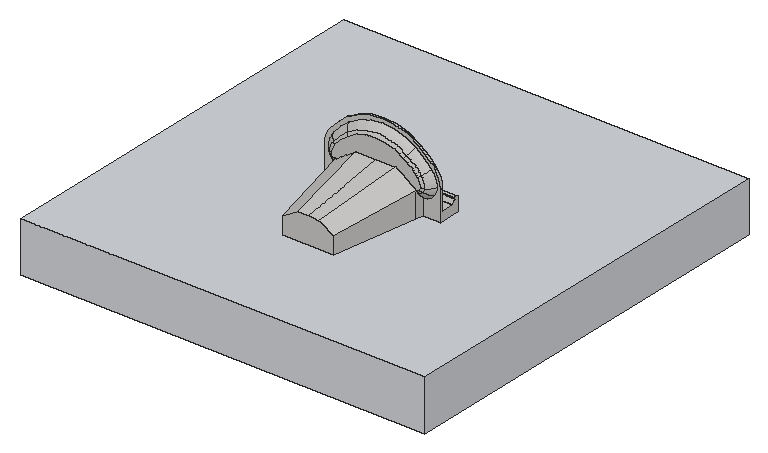
Revit family
Parameters (values of type "3401")
  Waste Connection = yes
  WFU = 0
  Vent Connection = no
  VP - Vinylclad Housing Color: Black (Standard), Gray, White = no
  URL = "http://www.acorneng.com/uploads/fileLibrary/3401.pdf"
  Type Comments = ""
  ST - Single Temperature Valve = no
  SPX - 16 Gage Stainless Steel Housing = no
  SO-BAT- Sensor Operation (Batteries Not Included) = no
  SO - Sensor Operation = no
  Revised Date = "12/06/2014"
  Phone# = "626-336-4561"
  PPZ - Programmable Piezo Push button Electronic Metering = no
  Model = "3401"
  Material = Default
  Manufacturer = "Acorn "
  JH31 - 31" Junior Rim Height = no
  HWFU = 0
  HW Connection = yes
  HB - Hose Bibb, Specify: Left Side, RIght Side (Not ADA Compliant.) = no
  H - Hand Operation = no
  EG - Enviro-Glaze Color, Bowl and Sprayhead (Specify) = no
  Designed By = "ATS"
  Description = "Bowl is 14 gage type 304 stainless steel with satin finish and has an integral backsplash and sprayhead. Heavy-duty S-clips securely anchor the backsplash to the wall. Sprayhead has self-draining, air-circulating soap holders."
  Default Elevation = 34"
  CWFU = 0
  CW Connection = yes
  Assembly Code = ""
  3402 - Elliptical, Two Station = no
  1 - Off-Floor, Wall Outlet (1-1/2" OD Tail-Piece Provided Standard) = yes
Reference planes (in)
  plane 1 "Center (Front/Back)": y = 0
  plane 2: z = 0
  plane 3 "Center (Left/Right)": x = 0
  plane 4: x = -13.75
  plane 5: x = 13.75
  plane 6: x = 5.5
  plane 7: x = -5.5
  plane 8: x = -8
  plane 9: x = 8
  plane 10: y = 4.5
  plane 11: y = -22.5
  plane 12: x = -6
  plane 13: x = 6
  plane 14: y = -15.48218
  plane 15: y = -5
  plane 16: y = -8.25
Forms (in)
  Extrusion 1, solid
    sketch origin (0, 0, 0) x (1, 0, 0) y (0, 1, 0)
      loop
        line (-48, 48) -> (-48, -48) -> (48, -48) -> (48, 48) -> (-48, 48)
    from 0 to -12
  Sweep 2, solid, material "Stainless Steel"
    path origin (0, -22.5, 0) x (1, 0, 0) y (0, 0, -1)
      loop
        arc (-13.75, -7) -> (-13.37531, -9.125) -> (-12.29641, -10.99369) r 6.21308
        arc (-12.29641, -10.99369) -> (-10.50309, -12.8774) -> (-8.48828, -14.52206) r 20.75708
        arc (-8.48828, -14.52206) -> (0, -17.25) -> (8.48828, -14.52206) r 14.57009
        arc (8.48828, -14.52206) -> (10.50309, -12.8774) -> (12.29641, -10.99369) r 20.75708
        arc (12.29641, -10.99369) -> (13.37531, -9.125) -> (13.75, -7) r 6.21308
        arc (13.75, -7) -> (13.50755, -5.625) -> (12.80944, -4.41585) r 4.02023
        arc (12.80944, -4.41585) -> (11.42879, -3.35643) -> (9.72977, -2.97977) r 4.02023
        line (9.72977, -2.97977) -> (-9.72977, -2.97977)
        arc (-9.72977, -2.97977) -> (-12.5725, -4.15727) -> (-13.75, -7) r 4.02023
    profile origin (-13.37531, -22.5, 9.125) x (0.939693, 0, -0.34202) y (0, 1, 0)
      loop
        line (0, 22.5) -> (0, 22) -> (0.90245, 22)
        arc (0.90245, 22) -> (1.62319, 21.17363) -> (2.48138, 20.49107) r 6.04416
        arc (2.48138, 20.49107) -> (2.8179, 20.28243) -> (3.16485, 20.09162) r 7.59234
        line (3.16485, 20.09162) -> (3.16485, 20.65977)
        arc (3.16485, 20.65977) -> (2.95824, 20.78093) -> (2.75584, 20.90901) r 7.09234
        arc (2.75584, 20.90901) -> (1.87878, 21.62295) -> (1.16485, 22.5) r 5.54416
        line (1.16485, 22.5) -> (0, 22.5)
  Extrusion 3, solid, material "Stainless Steel"
    sketch origin (0, -22.5, 0) x (1, 0, 0) y (0, 0, -1)
      loop
        arc (-9.72977, -6.14461) -> (-10.33462, -6.39515) -> (-10.58515, -7) r 0.85539
        arc (-10.58515, -7) -> (-10.40132, -8.04256) -> (-9.872, -8.95937) r 3.04824
        arc (-9.872, -8.95937) -> (-8.35211, -10.55587) -> (-6.6445, -11.94977) r 17.59223
        arc (-6.6445, -11.94977) -> (-4.58935, -13.12105) -> (-2.3368, -13.8432) r 11.40525
        arc (-2.3368, -13.8432) -> (-1.17465, -14.0245) -> (0, -14.08515) r 11.40525
        arc (0, -14.08515) -> (1.17465, -14.0245) -> (2.3368, -13.8432) r 11.40525
        arc (2.3368, -13.8432) -> (4.58935, -13.12105) -> (6.6445, -11.94977) r 11.40525
        arc (6.6445, -11.94977) -> (8.35211, -10.55587) -> (9.872, -8.95937) r 17.59223
        arc (9.872, -8.95937) -> (10.40132, -8.04256) -> (10.58515, -7) r 3.04824
        arc (10.58515, -7) -> (10.33462, -6.39515) -> (9.72977, -6.14461) r 0.85539
        line (9.72977, -6.14461) -> (-9.72977, -6.14461)
    from 20.09162 to 20.65977
  Extrusion 4, solid, material "Stainless Steel"
    sketch origin (0, -22.5, 0) x (1, 0, 0) y (0, 0, -1)
      loop
        line (-13.75, -0.63871) -> (-13.75, -7)
        arc (-13.75, -7) -> (-12.5725, -4.15727) -> (-9.72977, -2.97977) r 4.02023
        line (-9.72977, -2.97977) -> (9.72977, -2.97977)
        arc (9.72977, -2.97977) -> (12.5725, -4.15727) -> (13.75, -7) r 4.02023
        line (13.75, -7) -> (13.75, -0.63871) -> (-13.75, -0.63871)
    from 22 to 22.5
  Sweep 5, solid, material "Stainless Steel"
    path origin (0, -22.5, 0) x (1, 0, 0) y (0, 0, -1)
      loop
        line (-13.75, 0) -> (13.75, 0)
    profile origin (0, -22.5, 0) x (0, 0, -1) y (0, 1, 0)
      loop
        line (-0.07134, 27) -> (-3.30752, 27)
        arc (-3.30752, 27) -> (-3.35524, 26.98024) -> (-3.375, 26.93252) r 0.06748
        line (-3.375, 26.93252) -> (-3.375, 26.25612)
        arc (-3.375, 26.25612) -> (-3.35309, 26.18174) -> (-3.29437, 26.13111) r 0.13721
        line (-3.29437, 26.13111) -> (-2.20379, 25.6375)
        arc (-2.20379, 25.6375) -> (-2.14501, 25.58683) -> (-2.12309, 25.51239) r 0.13733
        line (-2.12309, 25.51239) -> (-2.12309, 22.5) -> (-0.63871, 22.5) -> (-0.63871, 22) -> (0, 22) -> (0, 26.92866)
        arc (0, 26.92866) -> (-0.02089, 26.97911) -> (-0.07134, 27) r 0.07134
  Blend 6, solid, material "Stainless Steel"
    base sketch origin (0, -22.5, 0) x (1, 0, 0) y (0, 0, -1)
      loop
        line (-6, 0) -> (-6, -4.14461) -> (-2.5359, -6.14461) -> (0, -6.14461) -> (2.5359, -6.14461) -> (6, -4.14461) -> (6, 0) -> (-6, 0)
    top sketch origin (0, -22.5, 0) x (1, 0, 0) y (0, 0, -1)
      loop
        line (-9.5, 0) -> (-9.5, -6.14461) -> (-4.75, -9.39461) -> (0, -9.39461) -> (4.75, -9.39461) -> (9.5, -6.14461) -> (9.5, 0) -> (-9.5, 0)
    from 0 to 20.09162
  Extrusion 7, void
    sketch origin (0, -22.5, 0) x (1, 0, 0) y (0, 1, 0)
      loop
        circle (-5.5, 7) r 0.25
      loop
        circle (5.5, 7) r 0.25
      loop
        circle (-8, 17.5) r 0.25
      loop
        circle (8, 17.5) r 0.25
    from 0 to 1
  Extrusion 8, solid, material "Stainless Steel"
    sketch origin (0, 0, 0) x (0, 1, 0) y (0, 0, 1)
      loop
        line (-2.40838, 6.14461) -> (-2.40838, 0) -> (-0.5, 0) -> (-0.5, 3.88222)
        arc (-0.5, 3.88222) -> (-1.59028, 4.89862) -> (-2.40838, 6.14461) r 6.23959
    from -9.5 to 9.5
  Sweep 9, solid
    path origin (1.75785, 0, 0) x (0, 1, 0) y (0, 0, -1)
      loop
        line (3.38431, -2.74908) -> (3.1079, -2.87418)
    profile origin (1.75785, 3.2461, 2.81163) x (0, 0.412346, 0.911027) y (-1, 0, 0)
      loop
        circle (0, 0) r 0.33802
  Sweep 10, solid
    path origin (-1.75785, 0, 0) x (0, 1, 0) y (0, 0, 1)
      loop
        line (3.38431, 2.74908) -> (3.1079, 2.87418)
    profile origin (-1.75785, 3.2461, 2.81163) x (0, -0.412346, -0.911027) y (1, 0, 0)
      loop
        circle (0, 0) r 0.33802
  Extrusion 11, solid
    sketch origin (0, 0, 0) x (1, 0, 0) y (0, 1, 0)
      loop
        circle (0, -8.25) r 0.75
    from -0.04556 to 0.06224
  Extrusion 12, solid
    sketch origin (0, 0, 0) x (1, 0, 0) y (0, 1, 0)
      loop
        circle (-0.77643, -11.57119) r 0.25
      loop
        circle (0.77643, -11.57119) r 0.25
    from -0.04556 to 0.06224
Cuts and joins
  joined: Sweep 2, Extrusion 3, Extrusion 4, Sweep 5
  Extrusion 7 cuts Blend 6
  joined: Blend 6, Extrusion 8
Dimensions and locks (in)
  plane 4 to plane 5 = 27 1/2"  (x2)
  plane 3 "Center (Left/Right)" to plane 7 = 5 1/2"
  plane 3 "Center (Left/Right)" to plane 8 = 8"
  plane 1 "Center (Front/Back)" to plane 10 = 4 1/2"
  plane 11 to plane 1 "Center (Front/Back)" = 22 1/2"
  plane 7 to plane 6 = 11"
  plane 12 to plane 13 = 12"
  plane 8 to plane 3 "Center (Left/Right)" = 8"
  plane 7 to plane 3 "Center (Left/Right)" = 5 1/2"
  plane 16 to plane 1 "Center (Front/Back)" = 8 1/4"
  aligned and locked: plane 2 to Extrusion 1
  aligned and locked: level to Extrusion 1
Connectors (in)
  piping at (0, -8.25, -0.04556)
    settings: on Extrusion 11, index 1
  piping at (0.77643, -11.57119, -0.04556)
    settings: on Extrusion 12, index 2
  piping at (-0.77643, -11.57119, -0.04556)
    settings: on Extrusion 12, index 3
